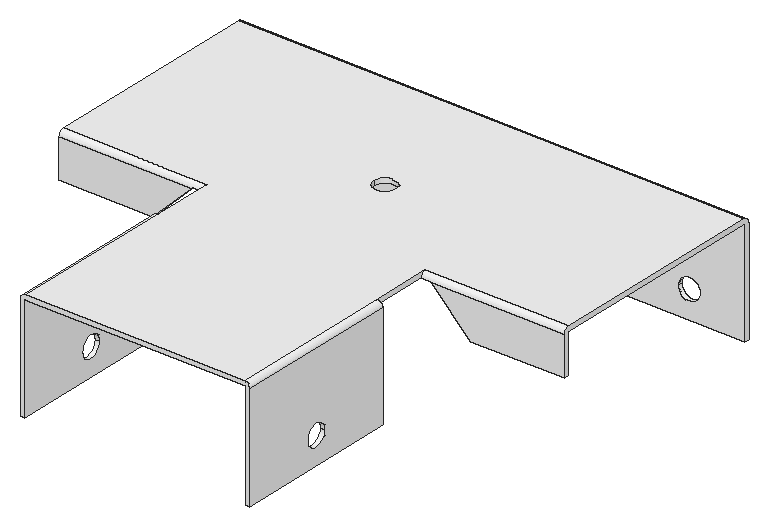
Revit family "newsq-tclip_4020", category 機械設備, Revit 2022
Family settings
  丸型コネクタ寸法 = 直径を使用
  種別 = なし
  パーツ タイプ = 標準
  作業面ベース = いいえ
  常に垂直 = はい
  ロード時にボイドで切り取り = いいえ
  注釈の向きを維持 = いいえ
  共有 = いいえ
  部屋計算ポイント = いいえ
Parameters
  製造元 = "株式会社桐井製作所"
  既定の高さ = 0 mm
  URL = "https://www.kirii.co.jp/"
  K_材質 = "溶融亜鉛めっき鋼板"
  K_品名 = "新SQ-Tクリップ4020用"
  K_名称 = "SQ-BAR関連部材"
  K_バージョン情報 = "20210524"
Reference planes
  plane 1 "中心(正面/背面)": y = 0
  plane 2: z = 0
  plane 3 "中心(左/右)": x = 0
Forms (mm)
  Extrusion 1, solid
    sketch origin (0, 0, 0) x (0, 1, 0) y (0, 0, 1)
      loop
        line (0.8, -7.2) -> (0.8, 0) -> (40.8, 0) -> (40.8, -19.2) -> (41.6, -19.2) -> (41.6, -0.2)
        arc (41.6, -0.2) -> (41.307, 0.507) -> (40.6, 0.8) r 1
        line (40.6, 0.8) -> (1, 0.8)
        arc (1, 0.8) -> (0.293, 0.507) -> (0, -0.2) r 1
        line (0, -0.2) -> (0, -7.2) -> (0.8, -7.2)
    from -45.75 to 45.75
  Extrusion 2, solid
    sketch origin (0, 0, 0) x (1, 0, 0) y (0, 0, 1)
      loop
        line (-20, -19.2) -> (-20, 0) -> (20, 0) -> (20, -19.2) -> (20.8, -19.2) -> (20.8, -0.2)
        arc (20.8, -0.2) -> (20.507, 0.507) -> (19.8, 0.8) r 1
        line (19.8, 0.8) -> (-19.8, 0.8)
        arc (-19.8, 0.8) -> (-20.507, 0.507) -> (-20.8, -0.2) r 1
        line (-20.8, -0.2) -> (-20.8, -19.2) -> (-20, -19.2)
    from 40 to 10
  Extrusion 3, solid
    sketch origin (0, 0, 0) x (1, 0, 0) y (0, 0, 1)
      loop
        line (-19.744, 0) -> (19.711, 0) -> (19.711, 0.8) -> (-19.744, 0.8) -> (-19.744, 0)
    from 10 to -1.192
  Extrusion 4, void
    sketch origin (0, 0, 0) x (1, 0, 0) y (0, 0, 1)
      loop
        line (21.6, 0) -> (-21.6, 0) -> (-28.8, -7.2) -> (28.8, -7.2) -> (21.6, 0)
    from 0.231 to -0.8
  Extrusion 5, void
    sketch origin (0, 0, 10) x (0, 1, 0) y (0, 0, 1)
      loop
        circle (-25, -24.2) r 2
    from 20.8 to 20
  Extrusion 6, void
    sketch origin (-25.8, 0, 10) x (0, 1, 0) y (0, 0, 1)
      loop
        circle (-25, -24.2) r 2
    from 5.8 to 5
  Extrusion 7, void
    sketch origin (0, 0, 5) x (1, 0, 0) y (0, 0, 1)
      loop
        circle (-35.75, -19.2) r 2
      loop
        circle (35.75, -19.2) r 2
    from -40.8 to -41.6
  Extrusion 8, void
    sketch origin (0, 0, 0) x (1, 0, 0) y (0, 1, 0)
      loop
        circle (0, 16.6) r 2
    from 0.8 to 0
Cuts and joins
  Extrusion 4, Extrusion 6, Extrusion 7, Extrusion 8 cuts Extrusion 1
  Extrusion 4, Extrusion 5, Extrusion 6, Extrusion 8 cuts Extrusion 2
  Extrusion 4, Extrusion 6, Extrusion 8 cuts Extrusion 3
  joined: Extrusion 1, Extrusion 2, Extrusion 3
Dimensions and locks
  aligned and locked: level to plane 2
